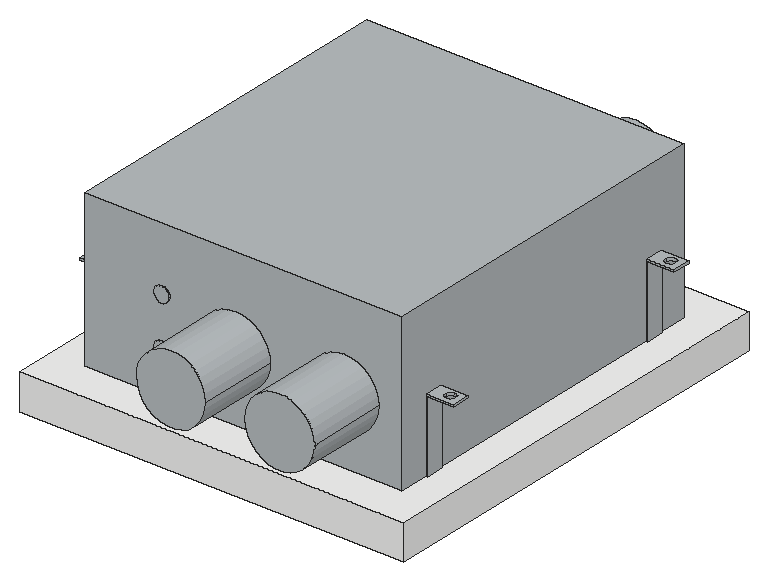
Revit family "v-273bzl5-ms_60Hz", category 機械設備, Revit 2019
Family settings
  丸型コネクタ寸法 = 直径を使用
  パーツ タイプ = 標準
  OmniClass 番号 = 23.75.35.17.27
  OmniClass タイトル = Centrifugal Fans
  作業面ベース = いいえ
  常に垂直 = はい
  ロード時にボイドで切り取り = いいえ
  共有 = いいえ
  部屋計算ポイント = はい
Parameters (values of type "V-273BZL5-MS")
  騒音レベル(dB(A)) [instance] = 48.5
  風量 [instance] = 190.0 m³/h
  電源種別 [instance] = ""
  電圧 = 200 V
  電動機出力 = 0 W
  電動機_種別 [instance] = ""
  運転質量 = 0.00 kg
  連動 [instance] = ""
  質量 = if(製品質量 > 運転質量, 製品質量, 運転質量) * 1.2  # 31.80 kg
  負荷分類 = 3_ファン類
  説明 = "バス乾燥・暖房・換気システム ミスト機能付 3部屋用"
  設計風量 [instance] = 0.0 m³/h
  設置方法 = "カセット形"
  記号 [instance] = ""
  製造元 = "三菱電機株式会社"
  製品質量 = 26.50 kg
  製品出荷対象 = "国内"
  製品リリース年月 = "2022年6月1日"
  製品グループ = ""
  給水管_W = 115 mm
  給水管_H = 60 mm
  系統 [instance] = ""
  符号 [instance] = if(☑給気／□排気, "FS", "FE")  # "FE"
  積算_科目 = "2 換気設備"
  積算_拾い区分 [instance] = ""
  相 = 1
  盤記号 [instance] = ""
  発停方法 [instance] = ""
  特殊仕様 [instance] = ""
  点検口離隔 = 350 mm
  点検口_Depth = 450 mm
  点検口 = yes
  火災停止 [instance] = ""
  消費電力 = 2100 W
  法定耐用年数 = "10"
  機外静圧 [instance] = 0.0 Pa
  極数 = 3
  材質 [instance] = ""
  操作・制御方式 = ""
  操作・制御スイッチ = ""
  排気量 [instance] = if(☑給気／□排気, 0.0 m³/h, 設計風量)  # 0.0 m³/h
  形式 = ""
  幹線記号 [instance] = ""
  対象室 [instance] = ""
  実風量 [instance] = 0.0 m³/h
  始動方式 [instance] = "直入"
  天吊金具ピッチ2 = 390 mm
  天吊金具ピッチ1 = 500 mm
  天吊金具_高さ = 101.5 mm
  天吊金具_径 = 15 mm
  外気量 [instance] = if(☑給気／□排気, 設計風量, 0.0 m³/h)  # 0.0 m³/h
  呼称 = "天井扇"
  周波数 = 60 Hz
  参照している仕様書等のバージョン = ""
  加湿給水管径 = 21.7 mm
  分類コード = "50052503100080"
  分類グループ = ""
  価格 = 337600
  企業コード = "108420"
  付属品_防振装置 = ""
  付属品 [instance] = ""
  仕様書バージョン = "Version1.0"
  モデル = "V-273BZL5-MS"
  マテリアル = 亜鉛メッキ鋼板
  ファンの種類 = ""
  ドレン管径 = 21.7 mm
  ドレン管_W = 115 mm
  ドレン管_H = 130 mm
  ダクト径 = 100 mm
  コメント [instance] = ""
  Keynote = ""
  カバーマテリアル = 合成樹脂(白)
  ☑給気／□排気 [instance] = no
  Width = 450 mm
  W1 = 544 mm
  Version = ""
  Uniclass2015Version = "Systems v1.9"
  Uniclass2015Title = "Centrifugal fans"
  Uniclass2015Code = "Pr_65_67_29_12"
  URL = "https://www.mitsubishielectric.co.jp/ldg/wink/ssl/displayProduct.do?pid=320495"
  SpecificationReference = ""
  SpecificationDescription = ""
  Revision = ""
  RAダクト接続口_A = yes
  RAダクト接続口_B = yes
  RAダクト接続口_C = no
  RAサイズ_D = 98 mm
  ProductInformation = ""
  OmniClassCode = "23-33 31 19 11 15"
  MIN風量 = 95.0 m³/h
  MIN静圧 = 0.0 Pa
  MID風量 = 0.0 m³/h
  MID静圧 = 0.0 Pa
  MAX風量 = 190.0 m³/h
  MAX静圧 = 0.0 Pa
  IfcTypeProduct = ""
  IfcProduct = ""
  IfcExportType = "PROPELLORAXIAL"
  IfcExportAs = "IfcFanType"
  Height = 220 mm
  H1 = 50 mm
  EAサイズ_D = 98 mm
  Duct_RA_W2 = 65 mm
  Duct_H = 95.5 mm
  Duct_RA_W1 = 11 mm
  Duct_EA_W = 143 mm
  Duct_Depth = 114 mm
  Depth = 500 mm
  D1 = 610 mm
  Author = "三菱電機株式会社"
Reference planes
  plane 1 "中心(正面/背面)": y = 0
  plane 2: z = 0
  plane 3 "中心(左/右)": x = 0
  plane 4: x = -272
  plane 5: x = 272
  plane 6: y = 305
  plane 7: y = -305
  plane 8: x = -225
  plane 9: x = 225
  plane 10: y = 250
  plane 11: y = -250
  plane 12: y = -364
  plane 13: z = 220
  plane 14: z = -50
  plane 15: z = 95.5
  plane 16: x = -250
  plane 17: x = 250
  plane 18: y = 195
  plane 19: y = -195
  plane 20: x = 143
  plane 21: x = -11
  plane 22: x = 339
  plane 23: x = -575
  plane 24: x = -1025
  plane 25: y = 225
  plane 26: y = -225
  plane 27: x = -228
  plane 28: x = 228
  plane 29: z = 104.5
  plane 30: z = 101.5
  plane 31: x = 65
  plane 32: y = 364
  plane 33: x = -115
  plane 34: x = -115
  plane 35: z = 60
  plane 36: z = 130
  plane 37: y = -251
Forms (mm)
  Extrusion 1, solid, material "亜鉛メッキ鋼板" <- "マテリアル", detail levels fine
    sketch origin (0, 0, 0) x (1, 0, 0) y (0, 1, 0)
      loop
        line (-225, 250) -> (-225, -250) -> (225, -250) -> (225, 250) -> (-225, 250)
    from 0 to 220
  Extrusion 2, solid, material "合成樹脂(白)" <- "カバーマテリアル", detail levels fine
    sketch origin (0, 0, 0) x (1, 0, 0) y (0, 1, 0)
      loop
        line (-272, 305) -> (-272, -305) -> (272, -305) -> (272, 305) -> (-272, 305)
    from 0 to -50
  Extrusion 3, solid, material "亜鉛メッキ鋼板" <- "マテリアル", detail levels fine
    sketch origin (0, 0, 0) x (1, 0, 0) y (0, 0, 1)
      loop
        circle (143, 95.5) r 49
    from 250 to 364
  Extrusion 4, solid, material "亜鉛メッキ鋼板" <- "マテリアル", visible <- "RAダクト接続口_A", detail levels fine
    sketch origin (0, 0, 0) x (1, 0, 0) y (0, 0, 1)
      loop
        circle (-11, 95.5) r 49
    from 250 to 364
  Extrusion 5, solid, material "亜鉛メッキ鋼板" <- "マテリアル", visible <- "RAダクト接続口_C", detail levels fine
    sketch origin (0, 0, 0) x (0, 1, 0) y (0, 0, 1)
      loop
        circle (0, 95.5) r 49
    from 225 to 339
  Extrusion 6, solid, material "亜鉛メッキ鋼板" <- "マテリアル", detail levels fine
    sketch origin (0, 0, 0) x (1, 0, 0) y (0, 1, 0)
      loop
        line (-225, -182.5) -> (-265, -182.5) -> (-265, -207.5) -> (-225, -207.5) -> (-225, -182.5)
      loop
        circle (-250, -195) r 7.5
      loop
        line (-225, 207.5) -> (-265, 207.5) -> (-265, 182.5) -> (-225, 182.5) -> (-225, 207.5)
      loop
        line (225, -182.5) -> (225, -207.5) -> (265, -207.5) -> (265, -182.5) -> (225, -182.5)
      loop
        line (225, 207.5) -> (225, 182.5) -> (265, 182.5) -> (265, 207.5) -> (225, 207.5)
      loop
        circle (-250, 195) r 7.5
      loop
        circle (250, 195) r 7.5
      loop
        circle (250, -195) r 7.5
    from 101.5 to 104.5
  Extrusion 7, solid, material "亜鉛メッキ鋼板" <- "マテリアル", detail levels fine
    sketch origin (0, 0, 0) x (1, 0, 0) y (0, 1, 0)
      loop
        line (-228, -182.5) -> (-228, -207.5) -> (-225, -207.5) -> (-225, -182.5) -> (-228, -182.5)
      loop
        line (-228, 207.5) -> (-228, 182.5) -> (-225, 182.5) -> (-225, 207.5) -> (-228, 207.5)
      loop
        line (228, 207.5) -> (225, 207.5) -> (225, 182.5) -> (228, 182.5) -> (228, 207.5)
      loop
        line (228, -182.5) -> (225, -182.5) -> (225, -207.5) -> (228, -207.5) -> (228, -182.5)
    from 0 to 104.5
  Extrusion 8, solid, material "亜鉛メッキ鋼板" <- "マテリアル", visible <- "RAダクト接続口_B", detail levels fine
    sketch origin (0, 0, 0) x (1, 0, 0) y (0, 0, 1)
      loop
        circle (65, 95.5) r 49
    from -364 to -250
  Extrusion 9, solid, material "亜鉛メッキ鋼板" <- "マテリアル", detail levels fine
    sketch origin (0, 0, 0) x (1, 0, 0) y (0, 0, 1)
      loop
        circle (-115, 130) r 10.85
      loop
        circle (-115, 60) r 10.85
    from 250 to 251
Cuts and joins
  joined: Extrusion 6, Extrusion 7
Dimensions and locks
  equal spacing: plane 4, plane 3 "中心(左/右)", plane 5
  "W1": plane 4 to plane 5
  equal spacing: plane 6, plane 1 "中心(正面/背面)", plane 7
  "D1": plane 6 to plane 7
  equal spacing: plane 8, plane 3 "中心(左/右)", plane 9
  "Width": plane 8 to plane 9
  equal spacing: plane 10, plane 1 "中心(正面/背面)", plane 11
  "Depth": plane 10 to plane 11
  "Duct_Depth": plane 11 to plane 12
  "Height": plane 13 to plane 2
  "Duct_H": plane 15 to plane 2
  equal spacing: plane 16, plane 3 "中心(左/右)", plane 17
  "天吊金具ピッチ1": plane 16 to plane 17
  equal spacing: plane 18, plane 1 "中心(正面/背面)", plane 19
  "天吊金具ピッチ2": plane 18 to plane 19
  "H1": plane 2 to plane 14
  "Duct_EA_W": plane 20 to plane 3 "中心(左/右)"
  "Duct_RA_W1": plane 21 to plane 3 "中心(左/右)"
  "Duct_Depth": plane 9 to plane 22
  "点検口_Depth": plane 25 to plane 26
  equal spacing: plane 25, plane 1 "中心(正面/背面)", plane 26
  "点検口_Depth": plane 24 to plane 23
  "点検口離隔": plane 23 to plane 8
  Extrusion 6 sketch curve to Extrusion 6 sketch curve = 25 mm  (x4)
  equal spacing: Extrusion 6 sketch curve, plane 19, Extrusion 6 sketch curve  (x2)
  Extrusion 6 sketch curve to plane 16 = 15 mm  (x2)
  equal spacing: Extrusion 6 sketch curve, plane 18, Extrusion 6 sketch curve  (x2)
  plane 17 to Extrusion 6 sketch curve = 15 mm  (x2)
  plane 9 to plane 28 = 3 mm
  plane 27 to plane 8 = 3 mm
  plane 29 to plane 30 = 3 mm
  "Duct_RA_W2": plane 3 "中心(左/右)" to plane 31
  "Duct_Depth": plane 10 to plane 32
  "ドレン管_W": plane 3 "中心(左/右)" to plane 33
  "給水管_W": plane 3 "中心(左/右)" to plane 34
  "給水管_H": plane 35 to level
  "ドレン管_H": plane 36 to level
  locked: plane 11 to plane 37 at 1
  "天吊金具_高さ": plane 30 to level
  "RAサイズ_D": diameter of Extrusion 4 sketch curve
  "天吊金具_径": diameter of Extrusion 6 sketch curve  (x4)
  "EAサイズ_D": diameter of Extrusion 3 sketch curve
  "RAサイズ_D": diameter of Extrusion 5 sketch curve
  "RAサイズ_D": diameter of Extrusion 8 sketch curve
  "ドレン管径": diameter of Extrusion 9 sketch curve
  "加湿給水管径": diameter of Extrusion 9 sketch curve
  aligned and locked: level to plane 2
  aligned and locked: plane 5 to Extrusion 2
  aligned and locked: plane 6 to Extrusion 2
  aligned and locked: Extrusion 2 to plane 4
  aligned and locked: Extrusion 2 to plane 7
  aligned and locked: plane 9 to Extrusion 1
  aligned and locked: Extrusion 1 to plane 11
  aligned and locked: Extrusion 1 to plane 8
  aligned and locked: plane 10 to Extrusion 1
  aligned and locked: plane 13 to Extrusion 1
  aligned and locked: Extrusion 2 to plane 14
  aligned and locked: level to Extrusion 2
  aligned and locked: Extrusion 1 to level
  aligned and locked: Extrusion 3 to plane 12
  aligned and locked: plane 11 to Extrusion 3
  aligned and locked: nested 2 to plane 16
  aligned and locked: nested 2 to plane 17
  aligned and locked: nested 2 to plane 19
  aligned and locked: nested 2 to plane 18
  aligned and locked: Extrusion 4 to plane 12
  aligned and locked: plane 11 to Extrusion 4
  aligned and locked: plane 22 to Extrusion 5
  aligned and locked: Extrusion 5 to plane 9
  aligned and locked: plane 23 to nested 3
  aligned and locked: plane 24 to nested 3
  aligned and locked: plane 26 to nested 3
  aligned and locked: plane 25 to nested 3
  aligned and locked: plane 8 to Extrusion 6 sketch curve
  aligned and locked: plane 9 to Extrusion 6 sketch curve  (x2)
  aligned and locked: Extrusion 7 sketch curve to Extrusion 6  (x10)
  aligned and locked: plane 27 to Extrusion 7 sketch curve  (x2)
  aligned and locked: Extrusion 6 to Extrusion 7 sketch curve  (x2)
  aligned and locked: plane 28 to Extrusion 7 sketch curve  (x2)
  aligned and locked: plane 29 to Extrusion 6
  aligned and locked: Extrusion 6 to plane 30
  aligned and locked: plane 29 to Extrusion 7
  aligned and locked: Extrusion 7 to plane 2
  aligned and locked: Extrusion 8 to plane 32
  aligned and locked: Extrusion 8 to plane 10
  aligned and locked: Extrusion 9 to plane 37
  aligned and locked: plane 11 to Extrusion 9
Automatic sketch dimensions
  Extrusion 4 sketch curve to plane 15 = 0 mm
  plane 21 to Extrusion 4 sketch curve = 0 mm
  Extrusion 1 sketch curve to plane 8 = 0 mm
  Extrusion 1 sketch curve to plane 9 = 0 mm
  Extrusion 1 sketch curve to plane 11 = 0 mm
  Extrusion 1 sketch curve to plane 10 = 0 mm
  Extrusion 2 sketch curve to plane 4 = 0 mm
  Extrusion 2 sketch curve to plane 5 = 0 mm
  Extrusion 2 sketch curve to plane 7 = 0 mm
  Extrusion 2 sketch curve to plane 6 = 0 mm
  Extrusion 6 sketch curve to plane 16 = 0 mm  (x2)
  Extrusion 6 sketch curve to plane 8 = 0 mm
  Extrusion 6 sketch curve to plane 17 = 0 mm  (x2)
  Extrusion 6 sketch curve to plane 19 = 0 mm  (x2)
  Extrusion 6 sketch curve to plane 18 = 0 mm  (x2)
  Extrusion 3 sketch curve to plane 15 = 0 mm
  Extrusion 3 sketch curve to plane 20 = 0 mm
  Extrusion 5 sketch curve to plane 1 "中心(正面/背面)" = 0 mm
  Extrusion 5 sketch curve to plane 15 = 0 mm
  Extrusion 8 sketch curve to plane 15 = 0 mm
  plane 31 to Extrusion 8 sketch curve = 0 mm
  Extrusion 9 sketch curve to plane 33 = 0 mm
  Extrusion 9 sketch curve to plane 34 = 0 mm
  Extrusion 9 sketch curve to plane 35 = 0 mm
  Extrusion 9 sketch curve to plane 36 = 0 mm
Nested families
  nested 1: "記号_天井換気扇_平面" at (0, 0, 0), type "記号_天井換気扇_平面", detail levels coarse+medium
  nested 2: "固定点" at (-250, -195, 0), type "固定点"
    with W 500 mm, D 390 mm
  nested 3: "点検口設置範囲" at (-800, 0, 0), visible <- "点検口", type "点検口設置範囲"
    with Width 450 mm, Depth 450 mm
Connectors
  hvac at (143, -364, 95.5), driven by "ダクト径", driven by "風量", driven by "機外静圧"
    settings: on Extrusion 3, index 1, duct flow 190.0 m³/h, flow factor 0, pres drop 0.0 Pa, loss coef 0, conn angle 0.00°, conn width 304.8 mm, conn height 304.8 mm, conn diameter 100 mm, duct sys type 3, conn prof type 0, flow config 0, flow direction 2, loss method 4, conn ref index -1, conn util no, is conn primary yes, conn desc ""
  hvac at (-11, -364, 95.5), driven by "ダクト径", driven by "機外静圧", driven by "風量"
    settings: on Extrusion 4, index 3, duct flow 190.0 m³/h, flow factor 0, pres drop 0.0 Pa, loss coef 0, conn angle 0.00°, conn width 304.8 mm, conn height 304.8 mm, conn diameter 100 mm, duct sys type 2, conn prof type 0, flow config 0, flow direction 1, loss method 4, conn ref index -1, conn util no, is conn primary no, conn desc ""
  hvac at (339, 0, 95.5), driven by "ダクト径", driven by "機外静圧", driven by "風量"
    settings: on Extrusion 5, index 4, duct flow 190.0 m³/h, flow factor 0, pres drop 0.0 Pa, loss coef 0, conn angle 0.00°, conn width 304.8 mm, conn height 304.8 mm, conn diameter 100 mm, duct sys type 2, conn prof type 0, flow config 0, flow direction 1, loss method 4, conn ref index -1, conn util no, is conn primary no, conn desc ""
  electrical at (0, 0, 220), driven by "極数", driven by "負荷分類", driven by "電圧", driven by "消費電力"
    settings: on Extrusion 1, index 6, voltage 200 V, apparent load 2100 VA, apparent load phase1 0 VA, apparent load phase2 0 VA, apparent load phase3 0 VA, power factor 1, load classification "3_ファン類", number of poles 3, system type 30, power factor state 1, is connector primary yes, connector utility no, sub classification motor no, connector description ""
  hvac at (65, 364, 95.5), driven by "ダクト径", driven by "機外静圧", driven by "風量"
    settings: on Extrusion 8, index 7, duct flow 190.0 m³/h, flow factor 0, pres drop 0.0 Pa, loss coef 0, conn angle 0.00°, conn width 304.8 mm, conn height 304.8 mm, conn diameter 100 mm, duct sys type 2, conn prof type 0, flow config 0, flow direction 1, loss method 4, conn ref index -1, conn util no, is conn primary no, conn desc ""
  piping at (-115, -251, 130), diameter 21.7, driven by "ドレン管径"
    settings: on Extrusion 9, index 8, connector inside diameter 609.6 mm, connector length 0 mm, flow factor 0, pipe flow 0.0 L/s, pressure drop 0.0 Pa, fitting loss kfactor 0, connector angle 0.00°, fixture units 0, engagement length 0 mm, angle of deflection 0.00°, flow configuration 0, flow direction 2, fitting loss method 4, system type 16, joint type 0, gender type 0, connector reference index -1, connector utility 0, adjustable connector no, is connector primary yes, connector description ""
  piping at (-115, -251, 60), diameter 21.7, driven by "加湿給水管径"
    settings: on Extrusion 9, index 9, connector inside diameter 609.6 mm, connector length 0 mm, flow factor 0, pipe flow 0.0 L/s, pressure drop 0.0 Pa, fitting loss kfactor 0, connector angle 0.00°, fixture units 0, engagement length 0 mm, angle of deflection 0.00°, flow configuration 0, flow direction 1, fitting loss method 4, system type 20, joint type 0, gender type 0, connector reference index -1, connector utility 0, adjustable connector no, is connector primary no, connector description ""
Definition of nested family "記号_天井換気扇_平面"
  Reference planes
    plane 1: y = 0
    plane 2: x = 0
  Lines and regions (mm)
    detail lines
      curve 1: line (-2.5, 2.5, 0) -> (2.5, 2.5, 0)
      curve 2: line (-2.5, -2.5, 0) -> (-2.5, 2.5, 0)
      curve 3: line (2.5, -2.5, 0) -> (-2.5, -2.5, 0)
      curve 4: line (2.5, 2.5, 0) -> (2.5, -2.5, 0)
      curve 5: circle (-1.04, -1.04, 0) r 1.46 normal (0, 0, 1)
      curve 6: circle (1.04, 1.04, 0) r 1.46 normal (0, 0, 1)
      curve 7: line (-3.125, 3.125, 0) -> (3.125, 3.125, 0)
      curve 8: line (-3.125, -3.125, 0) -> (-3.125, 3.125, 0)
      curve 9: line (3.125, -3.125, 0) -> (-3.125, -3.125, 0)
      curve 10: line (3.125, 3.125, 0) -> (3.125, -3.125, 0)
      curve 11: circle (1.295, 1.295, 0) r 1.83 normal (0, 0, 1)
      curve 12: circle (-1.295, -1.295, 0) r 1.83 normal (0, 0, 1)
      curve 13: line (-2, 2, 0) -> (2, 2, 0)
      curve 14: line (-2, -2, 0) -> (-2, 2, 0)
      curve 15: line (2, -2, 0) -> (-2, -2, 0)
      curve 16: line (2, 2, 0) -> (2, -2, 0)
      curve 17: circle (0.84, 0.84, 0) r 1.16 normal (0, 0, 1)
      curve 18: circle (-0.84, -0.84, 0) r 1.2 normal (0, 0, 1)
Definition of nested family "固定点"
  Parameters (values of type "固定点")
    中心円 = 20 mm
    W [instance] = 1000 mm
    D [instance] = 1000 mm
  Reference planes
    plane 1 "中心(正面/背面)": y = 0
    plane 2: z = 0
    plane 3 "中心(左/右)": x = 0
    plane 4: x = 1000
    plane 5: y = 1000
  Lines and regions (mm)
    symbolic lines, detail levels fine
      curve 1: circle (0, 1000, 0) r 10 normal (0, 0, 1)
      curve 2: circle (0, 0, 0) r 10 normal (0, 0, 1)
      curve 3: circle (1000, 1000, 0) r 10 normal (0, 0, 1)
      curve 4: circle (1000, 0, 0) r 10 normal (0, 0, 1)
      curve 5: line (-200, 1000, 0) -> (1200, 1000, 0)
      curve 6: line (-200, 0, 0) -> (1200, 0, 0)
      curve 7: line (0, 1200, 0) -> (0, -200, 0)
      curve 8: line (1000, 1200, 0) -> (1000, -200, 0)
  Dimensions and locks
    "W": plane 3 "中心(左/右)" to plane 4
    "D": plane 1 "中心(正面/背面)" to plane 5
    "中心円": diameter of curve 1
    "中心円": diameter of curve 2
    "中心円": diameter of curve 3
    "中心円": diameter of curve 4
    aligned and locked: level to plane 2
    aligned and locked: plane 5 to curve 1
    aligned and locked: plane 3 "中心(左/右)" to curve 1
    aligned and locked: plane 3 "中心(左/右)" to curve 2
    aligned and locked: plane 1 "中心(正面/背面)" to curve 2
    aligned and locked: plane 4 to curve 3
    aligned and locked: plane 5 to curve 3
    aligned and locked: plane 1 "中心(正面/背面)" to curve 4
    aligned and locked: plane 4 to curve 4
    aligned and locked: plane 1 "中心(正面/背面)" to curve 6
    aligned and locked: curve 7 to plane 3 "中心(左/右)"
    aligned and locked: curve 8 to plane 4
  Automatic sketch dimensions
    curve 5 to plane 5 = 0 mm
    curve 6 to plane 3 "中心(左/右)" = 200 mm
    curve 5 to plane 3 "中心(左/右)" = 200 mm
    curve 4 to curve 6 = 200 mm
    curve 3 to curve 5 = 200 mm
    plane 1 "中心(正面/背面)" to curve 8 = 200 mm
    plane 1 "中心(正面/背面)" to curve 7 = 200 mm
    curve 3 to curve 8 = 200 mm
    curve 1 to curve 7 = 200 mm
Definition of nested family "点検口設置範囲"
  Parameters (values of type "点検口設置範囲")
    Width [instance] = 1000 mm
    Depth [instance] = 700 mm
  Reference planes
    plane 1 "中心(正面/背面)": y = 0
    plane 2: z = 0
    plane 3 "中心(左/右)": x = 0
    plane 4: x = -500
    plane 5: x = 500
    plane 6: y = -350
    plane 7: y = 350
  Lines and regions (mm)
    model lines
      curve 1: line (-500, 350, 0) -> (500, 350, 0)
      curve 2: line (-500, -350, 0) -> (-500, 350, 0)
      curve 3: line (500, -350, 0) -> (-500, -350, 0)
      curve 4: line (500, 350, 0) -> (500, -350, 0)
  Dimensions and locks
    "Depth": plane 7 to plane 6
    "Width": plane 4 to plane 5
    equal spacing: plane 7, plane 1 "中心(正面/背面)", plane 6
    equal spacing: plane 4, plane 3 "中心(左/右)", plane 5
    aligned and locked: level to plane 2
    aligned and locked: plane 4 to curve 2
    aligned and locked: curve 1 to plane 7
    aligned and locked: curve 4 to plane 5
    aligned and locked: plane 6 to curve 3
